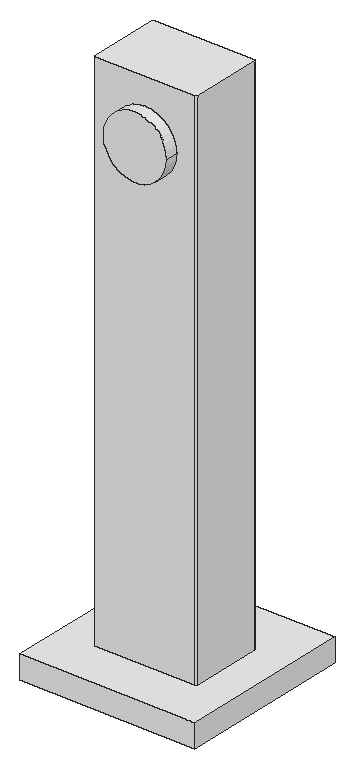
Revit family "Spout-GROHE-Eurocube-13305000", category Plumbing Fixtures, host Face, Revit 2014
Parameters (values of type "13305000")
  Width = 2 3/8"  # constant formula
  Warranty Documentation Link = "https://cdn.cloud.grohe.com/tpi/1000/1900/1940/1949/1949006/original/1949006.pdf"
  URL = "https://www.grohe.us/"
  Type Comments = ""
  Tempered Connection Radius = Tempered Connection Diameter / 2  # 1/4"
  Tempered Connection Diameter = Hot Water Connection Diameter  # 1/2"
  Shipping Weight = 2.767 lbf
  Product Page URL = "https://www.grohe.us/en_us/tub-spout-13305000.html"
  Price = "Prices may vary. Please consult Manufacturer Representative for most up-to-date price list."  # constant formula
  Model = "13305000"
  Material = "Metal-Grohe-000-Chrome"
  Manufacturer = "Grohe"
  Length = 6 11/16"  # constant formula
  Installation Type = "Wall Mounted"
  Hot Water Connection Radius = Hot Water Connection Diameter / 2  # 1/4"
  Hot Water Connection Diameter = Cold Water Connection Diameter  # 1/2"
  Height = 2 3/8"  # constant formula
  Flow Rate = ""
  Finish = Metal-Grohe-000-Chrome
  Description = "Eurocube Bath spout"
  Default Elevation = 21"  # constant formula
  Creation Date = "07/06/2017"  # constant formula
  Cold Water Connection Radius = 1/4"  # constant formula
  Cold Water Connection Diameter = Cold Water Connection Radius * 2  # 1/2"
  Assembly Code = "D2090800"
Reference planes (in)
  plane 1 "Center (Front/Back)": y = 0
  plane 2: z = 0
  plane 3 "Center (Left/Right)": x = 0
  plane 4: y = 1.1875
  plane 5: y = -1.1875
  plane 6: z = 0.3125
  plane 7: z = 6.6875
  plane 8: x = 1.1875
  plane 9: x = -1.1875
  plane 10: z = 6.00735
  plane 11: z = 7.47335
Forms (in)
  Extrusion 1, solid, material "Metal-Grohe-000-Chrome" <- "Finish"
    sketch origin (0, 0, 0) x (1, 0, 0) y (0, 1, 0)
      loop
        arc (-0.67614, 0.46273) -> (-0.69221, 0.45608) -> (-0.69886, 0.44001) r 0.02272
        line (-0.69886, 0.44001) -> (-0.69886, -0.52709)
        arc (-0.69886, -0.52709) -> (-0.69211, -0.54339) -> (-0.67582, -0.55014) r 0.02304
        line (-0.67582, -0.55014) -> (0.67427, -0.55014)
        arc (0.67427, -0.55014) -> (0.69166, -0.54293) -> (0.69886, -0.52555) r 0.02459
        line (0.69886, -0.52555) -> (0.69886, 0.44001)
        arc (0.69886, 0.44001) -> (0.69221, 0.45608) -> (0.67614, 0.46273) r 0.02272
        line (0.67614, 0.46273) -> (-0.67614, 0.46273)
    from 0 to 7.47335
  Extrusion 2, solid, material "Metal-Grohe-000-Chrome" <- "Finish"
    sketch origin (0, 0, 0.68015) x (1, 0, 0) y (0, 0, 1)
      loop
        circle (0, 6.00735) r 0.42815
    from 0 to 0.71599
  Extrusion 3, solid, material "Metal-Grohe-000-Chrome" <- "Finish"
    sketch origin (0, 0, 0) x (1, 0, 0) y (0, 1, 0)
      loop
        line (-1.1875, 1.1875) -> (-1.1875, -1.1875) -> (1.1875, -1.1875) -> (1.1875, 1.1875) -> (-1.1875, 1.1875)
    from 0 to 0.3125
Cuts and joins
  joined: Extrusion 1, Extrusion 2, Extrusion 3
Lines and regions (in)
  Masking region 1
    outline origin (0, 0, 0) x (1, 0, 0) y (0, 0, 1)
      loop
        line (0.69886, 7.47335) -> (-0.69886, 7.47335) -> (-0.69886, 0.3125) -> (-1.1875, 0.3125) -> (-1.1875, 0) -> (1.1875, 0) -> (1.1875, 0.3125) -> (0.69886, 0.3125) -> (0.69886, 7.47335)
  symbolic lines, style "PlumbingFixtures", detail levels medium+fine
    curve 1: line (0.69886, 0, 0.3125) -> (-0.69886, 0, 0.3125)
Dimensions and locks (in)
  plane 4 to plane 1 "Center (Front/Back)" = 1 3/16"
  plane 6 to level = 5/16"
  plane 7 to level = 6 11/16"
  aligned and locked: plane 2 to host face
  aligned and locked: level to host face
Connectors (in)
  piping at (0, 0, 0), diameter 0.5, driven by "Tempered Connection Diameter"
    settings: on cut or joined group of Extrusion 1, Extrusion 2, Extrusion 3, index 1, connector inside diameter 24", connector length 0", flow factor 0, pipe flow 0 GPM, pressure drop 0.00 psi, fitting loss kfactor 0, connector angle 0.00°, fixture units 0, engagement length 0", angle of deflection 0.00°, flow configuration 0, flow direction 1, fitting loss method 0, system type 29, joint type 0, gender type 0, connector reference index -1, connector utility 0, adjustable connector no, is connector primary yes, connector description "1/2\" NPT Supply Inlet"
